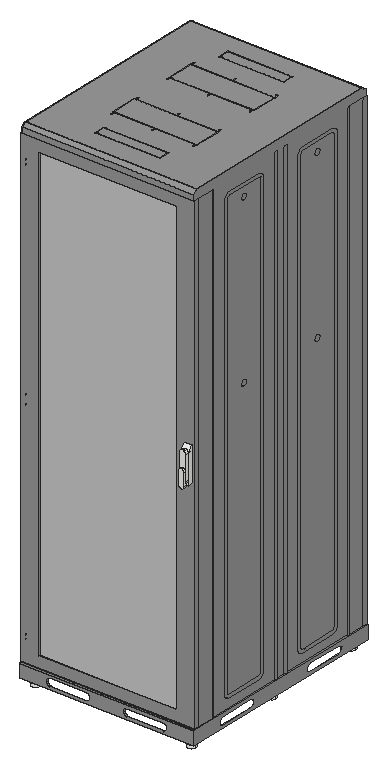
Revit family "800х1000", category Обобщенные модели, Revit 2019 (continued)
Definition of nested family "Дверь двустворчатая"
  Definition of nested family "Ручка"
    Forms (mm)
      Extrusion 3, solid, material <- "Материал Общий"
        sketch origin (0, 0, 0) x (1, 0, 0) y (0, 0, 1)
          loop
            line (-12, 638) -> (-12, 582)
            arc (-12, 582) -> (-8.485, 573.515) -> (0, 570) r 12
            arc (0, 570) -> (8.485, 573.515) -> (12, 582) r 12
            line (12, 582) -> (12, 638)
            arc (12, 638) -> (8.485, 646.485) -> (0, 650) r 12
            arc (0, 650) -> (-8.485, 646.485) -> (-12, 638) r 12
        from 30 to 38
    Cuts and joins
      joined: Blend 1, Extrusion 2, Extrusion 3
    Lines and regions (mm)
      model lines
        curve 1: line (-17, 0, 660) -> (17, 0, 660)
        curve 2: line (0, 0, 740) -> (0, 0, 580)
    Dimensions and locks
      locked: plane 4 to plane 1 "ТТТТ" at 20
      locked: plane 5 to plane 4 at 10
      locked: plane 6 to plane 5 at 8
      locked: plane 7 to plane 2 at 300
      aligned and locked: level to plane 2
      aligned and locked: plane 4 to Blend 1
      aligned and locked: Blend 1 to plane 1 "ТТТТ"
      aligned and locked: Extrusion 2 to plane 4
      aligned and locked: plane 5 to Extrusion 2
      aligned and locked: Extrusion 3 to plane 5
      aligned and locked: plane 6 to Extrusion 3
Definition of nested family "ЭУ_ДВЕРЬ"
  Parameters (values of type "ЭУ_ДВЕРЬ")
    Глубина_Р [instance] = ADSK_Размер_Ширина / 5  # 160 mm
    ADSK_Размер_Ширина [instance] = 800 mm
    ADSK_Размер_Высота [instance] = 972 mm
  Reference planes
    plane 1 "По центру (Вперед/Назад)": y = 0
    plane 2: z = 0
    plane 3 "По центру (Влево/Вправо)": x = 0
    plane 4: x = 400
    plane 5: x = -400
    plane 6: y = -486
    plane 7: y = 486
    plane 8: y = 446
    plane 9: y = -426
    plane 10: x = 300
    plane 11: x = -300
    plane 12: y = 366
    plane 13: y = -346
    plane 14: x = 350
    plane 15: y = -441
    plane 16: y = -471
    plane 17: x = -140
    plane 18: x = 140
  Lines and regions (mm)
    detail lines, in view "Опорный уровень"
      curve 1: line (-400, 486, 0) -> (400, 486, 0)
      curve 2: line (-400, -486, 0) -> (-400, 486, 0)
      curve 3: line (400, -486, 0) -> (-400, -486, 0)
      curve 4: line (400, 486, 0) -> (400, -486, 0)
      curve 5: line (-400, -426, 0) -> (400, -426, 0)
      curve 6: line (400, 446, 0) -> (-400, 446, 0)
      curve 7: line (-300, 366, 0) -> (300, 366, 0)
      curve 8: line (-300, -346, 0) -> (-300, 366, 0)
      curve 9: line (300, -346, 0) -> (-300, -346, 0)
      curve 10: line (300, 366, 0) -> (300, -346, 0)
      curve 11: circle (350, 0, 0) r 30 normal (0, 0, 1)
      curve 12: line (-300, -441, 0) -> (-140, -441, 0)
      curve 13: line (-140, -471, 0) -> (-300, -471, 0)
      curve 14: line (140, -441, 0) -> (300, -441, 0)
      curve 15: line (300, -471, 0) -> (140, -471, 0)
      curve 16: arc (-300, -441, 0) -> (-315, -456, 0) -> (-300, -471, 0) r 15
      curve 17: arc (-140, -441, 0) -> (-125, -456, 0) -> (-140, -471, 0) r 15
      curve 18: arc (140, -441, 0) -> (125, -456, 0) -> (140, -471, 0) r 15
      curve 19: arc (300, -441, 0) -> (315, -456, 0) -> (300, -471, 0) r 15
  Dimensions and locks
    equal spacing: plane 6, plane 1 "По центру (Вперед/Назад)", plane 7
    "ADSK_Размер_Высота": plane 7 to plane 6
    equal spacing: plane 5, plane 3 "По центру (Влево/Вправо)", plane 4
    "ADSK_Размер_Ширина": plane 5 to plane 4
    locked: plane 6 to plane 9 at 60
    locked: plane 7 to plane 8 at 40
    locked: plane 8 to plane 12 at 80
    locked: plane 9 to plane 13 at 80
    locked: plane 5 to plane 11 at 100
    locked: plane 10 to plane 4 at 100
    equal spacing: plane 10, plane 14, plane 4
    locked: plane 15 to plane 9 at 15
    locked: plane 6 to plane 16 at 15
    "Глубина_Р": plane 11 to plane 17
    "Глубина_Р": plane 18 to plane 10
    aligned and locked: curve 1 to plane 7
    aligned and locked: plane 5 to curve 2
    aligned and locked: curve 3 to plane 6
    aligned and locked: curve 4 to plane 4
    aligned and locked: plane 8 to curve 6
    aligned and locked: plane 9 to curve 5
    aligned and locked: curve 7 to plane 12
    aligned and locked: plane 11 to curve 8
    aligned and locked: curve 9 to plane 13
    aligned and locked: curve 10 to plane 10
    aligned and locked: plane 15 to curve 12
    aligned and locked: plane 15 to curve 14
    aligned and locked: curve 15 to plane 16
    aligned and locked: curve 13 to plane 16
  Automatic sketch dimensions
    curve 13 to plane 11 = 0 mm
    curve 17 to plane 17 = 0 mm
    curve 18 to plane 18 = 0 mm
    curve 14 to plane 10 = 0 mm
    plane 1 "По центру (Вперед/Назад)" to curve 11 = 0 mm
    curve 11 to plane 14 = 0 mm
    radius of curve 11 = 30 mm
Definition of nested family "ЭУ_БОК"
  Parameters (values of type "ЭУ_БОК")
    Глубина_Р [instance] = ADSK_Размер_Глубина / 6  # 166.667 mm
    ADSK_Размер_Глубина [instance] = 1000 mm
    ADSK_Размер_Высота [instance] = 1500 mm
  Reference planes
    plane 1 "По центру (Вперед/Назад)": y = 0
    plane 2: z = 0
    plane 3 "По центру (Влево/Вправо)": x = 0
    plane 4: x = 500
    plane 5: x = -500
    plane 6: y = -750
    plane 7: y = 750
    plane 8: y = 710
    plane 9: y = -690
    plane 10: x = 450
    plane 11: x = 395
    plane 12: y = 640
    plane 13: y = -620
    plane 14: y = 580
    plane 15: y = -560
    plane 16 "По центру (В/О": y = -20
    plane 17 "По центру (В/П": y = 0
    plane 18 "По центру (В/Р": y = 20
    plane 19: x = 475
    plane 20: y = -704
    plane 21: y = -736
    plane 22: x = -228.333
    plane 23: x = 228.333
    plane 24: x = 420
    plane 25: x = -450
    plane 26: x = -395
    plane 27: x = -475
    plane 28: x = -420
  Lines and regions (mm)
    detail lines, in view "Опорный уровень"
      curve 1: line (-500, 750, 0) -> (500, 750, 0)
      curve 2: line (500, 750, 0) -> (500, -750, 0)
      curve 3: line (500, -750, 0) -> (-500, -750, 0)
      curve 4: line (-500, -750, 0) -> (-500, 750, 0)
      curve 5: line (-500, -690, 0) -> (500, -690, 0)
      curve 6: line (-395, 710, 0) -> (-395, -690, 0)
      curve 7: line (395, 710, 0) -> (395, -690, 0)
      curve 8: line (500, 710, 0) -> (-500, 710, 0)
      curve 9: line (475, -690, 0) -> (475, 710, 0)
      curve 10: line (-228.333, -736, 0) -> (-420, -736, 0)
      curve 11: line (-420, -704, 0) -> (-228.333, -704, 0)
      curve 12: arc (-420, -736, 0) -> (-436, -720, 0) -> (-420, -704, 0) r 16
      curve 13: arc (-228.333, -704, 0) -> (-212.333, -720, 0) -> (-228.333, -736, 0) r 16
      curve 14: line (228.333, -704, 0) -> (395, -704, 0)
      curve 15: line (395, -736, 0) -> (228.333, -736, 0)
      curve 16: arc (228.333, -704, 0) -> (212.333, -720, 0) -> (228.333, -736, 0) r 16
      curve 17: arc (395, -704, 0) -> (411, -720, 0) -> (395, -736, 0) r 16
      curve 18: line (-475, -690, 0) -> (-475, 710, 0)
  Dimensions and locks
    equal spacing: plane 6, plane 1 "По центру (Вперед/Назад)", plane 7
    "ADSK_Размер_Высота": plane 7 to plane 6
    equal spacing: plane 5, plane 3 "По центру (Влево/Вправо)", plane 4
    "ADSK_Размер_Глубина": plane 5 to plane 4
    locked: plane 7 to plane 8 at 40
    locked: plane 6 to plane 9 at 60
    locked: plane 10 to plane 4 at 50
    locked: plane 11 to plane 10 at 55
    locked: plane 9 to plane 13 at 70
    locked: plane 8 to plane 12 at 70
    locked: plane 12 to plane 14 at 60
    locked: plane 13 to plane 15 at 60
    plane 18 "По центру (В/Р" to plane 17 "По центру (В/П" to plane 16 "По центру (В/О" = 20 mm locked, 20 mm locked
    locked: plane 19 to plane 4 at 25
    locked: plane 24 to plane 4 at 80
    "Глубина_Р": plane 23 to plane 11
    locked: plane 20 to plane 9 at 14
    locked: plane 6 to plane 21 at 14
    locked: plane 26 to plane 25 at 55
    locked: plane 5 to plane 25 at 50
    "Глубина_Р": plane 26 to plane 22
    locked: plane 5 to plane 27 at 25
    locked: plane 5 to plane 28 at 80
    aligned and locked: plane 5 to curve 4
    aligned and locked: curve 3 to plane 6
    aligned and locked: curve 2 to plane 4
    aligned and locked: curve 1 to plane 7
    aligned and locked: plane 9 to curve 5
    aligned and locked: curve 7 to plane 11
    aligned and locked: plane 8 to curve 8
    aligned and locked: plane 19 to curve 9
    aligned and locked: plane 20 to curve 11
    aligned and locked: curve 10 to plane 21
    aligned and locked: plane 20 to curve 14
    aligned and locked: curve 15 to plane 21
    aligned and locked: plane 26 to curve 6
    aligned and locked: curve 18 to plane 27
  Automatic sketch dimensions
    curve 12 to plane 28 = 0 mm
    curve 13 to plane 22 = 0 mm
    curve 16 to plane 23 = 0 mm
    curve 17 to plane 11 = 0 mm
Definition of nested family "ЭУ_ВВЕРХ"
  Parameters (values of type "ЭУ_ВВЕРХ")
    ADSK_Размер_Ширина [instance] = 600 mm
    ADSK_Размер_Глубина [instance] = 800 mm
  Reference planes
    plane 1 "По центру (Вперед/Назад)": y = 0
    plane 2: z = 0
    plane 3 "По центру (Влево/Вправо)": x = 0
    plane 4: x = 300
    plane 5: x = -300
    plane 6: y = -400
    plane 7: y = 400
    plane 8: y = 350
    plane 9: y = -350
    plane 10: x = -250
    plane 11: x = 250
    plane 12: x = 210
    plane 13: x = -210
    plane 14: y = 280
    plane 15: y = -280
    plane 16: y = 220
    plane 17: y = -220
    plane 18 "По центру (В/О": y = -100
    plane 19 "По центру (В/П": y = 0
    plane 20 "По центру (В/Р": y = 100
  Lines and regions (mm)
    detail lines, in view "Опорный уровень"
      curve 1: line (-300, 400, 0) -> (300, 400, 0)
      curve 2: line (300, 400, 0) -> (300, -400, 0)
      curve 3: line (300, -400, 0) -> (-300, -400, 0)
      curve 4: line (-300, -400, 0) -> (-300, 400, 0)
      curve 5: line (-210, 350, 0) -> (210, 350, 0)
      curve 6: line (-210, 280, 0) -> (-210, 350, 0)
      curve 7: line (210, 280, 0) -> (-210, 280, 0)
      curve 8: line (210, 350, 0) -> (210, 280, 0)
      curve 9: line (-210, -280, 0) -> (210, -280, 0)
      curve 10: line (-210, -350, 0) -> (-210, -280, 0)
      curve 11: line (210, -350, 0) -> (-210, -350, 0)
      curve 12: line (210, -280, 0) -> (210, -350, 0)
      curve 13: line (-250, -100, 0) -> (250, -100, 0)
      curve 14: line (-250, -220, 0) -> (-250, -100, 0)
      curve 15: line (250, -220, 0) -> (-250, -220, 0)
      curve 16: line (250, -100, 0) -> (250, -220, 0)
      curve 17: line (-250, 220, 0) -> (250, 220, 0)
      curve 18: line (-250, 100, 0) -> (-250, 220, 0)
      curve 19: line (250, 100, 0) -> (-250, 100, 0)
      curve 20: line (250, 220, 0) -> (250, 100, 0)
  Dimensions and locks
    equal spacing: plane 6, plane 1 "По центру (Вперед/Назад)", plane 7
    "ADSK_Размер_Глубина": plane 7 to plane 6
    equal spacing: plane 5, plane 3 "По центру (Влево/Вправо)", plane 4
    "ADSK_Размер_Ширина": plane 5 to plane 4
    locked: plane 7 to plane 8 at 50
    locked: plane 6 to plane 9 at 50
    locked: plane 5 to plane 10 at 50
    locked: plane 11 to plane 4 at 50
    locked: plane 10 to plane 13 at 40
    locked: plane 12 to plane 11 at 40
    locked: plane 9 to plane 15 at 70
    locked: plane 8 to plane 14 at 70
    locked: plane 14 to plane 16 at 60
    locked: plane 15 to plane 17 at 60
    plane 20 "По центру (В/Р" to plane 19 "По центру (В/П" to plane 18 "По центру (В/О" = 100 mm locked, 100 mm locked
    aligned and locked: plane 5 to curve 4
    aligned and locked: curve 3 to plane 6
    aligned and locked: curve 2 to plane 4
    aligned and locked: curve 1 to plane 7
    aligned and locked: curve 5 to plane 8
    aligned and locked: plane 13 to curve 6
    aligned and locked: plane 14 to curve 7
    aligned and locked: curve 8 to plane 12
    aligned and locked: plane 15 to curve 9
    aligned and locked: plane 13 to curve 10
    aligned and locked: curve 11 to plane 9
    aligned and locked: curve 12 to plane 12
    aligned and locked: plane 18 "По центру (В/О" to curve 13
    aligned and locked: plane 10 to curve 14
    aligned and locked: curve 15 to plane 17
    aligned and locked: curve 16 to plane 11
    aligned and locked: curve 17 to plane 16
    aligned and locked: plane 20 "По центру (В/Р" to curve 19
    aligned and locked: plane 10 to curve 18
    aligned and locked: curve 20 to plane 11
Types (12, lengths in mm): name | Описание | Не двустворчатая дверь | Материал крепежей | Материал каркаса | Двустворчатая дверь | Высота окна | ADSK_Размер_Высота | ADSK_Наименование краткое | ADSK_Наименование | ADSK_Масса_Текст | ADSK_Марка | ADSK_Код изделия | ADSK_URL страницы изделия
  ШТ-НП-С-33U-800-1000-ПП-Ч | "Шкаф телекоммуникационный напольный серверный черный 19&quot;.33U(800x1000) . ШТ-НП-С-33U-800-1000-ПП-Ч передняя.задняя двери перфорированные ССД" | yes | Металл черный | Металл черный | no | 1558 | 1667 | "ШТ-НП-С-33U-800-1000-ПП-Ч" | "Шкаф телекоммуникационный напольный серверный черный 19&quot;.33U(800x1000) . ШТ-НП-С-33U-800-1000-ПП-Ч передняя.задняя двери перфорированные ССД" | "106.0" | "ШТ-НП-С-33U-800-1000-ПП-Ч" | "130411-01427" | "https://www.ssd.ru/shkaf-telekommunikatsionnyy-napolnyy-servernyy-chernyy-19-quot-33u-800x1000-sht-np-s-33u-800-1000-pp"
  ШТ-НП-С-33U-800-1000-П2П-Ч | "Шкаф телекоммуникационный напольный серверный черный 19&quot;.33U(800x1000) . ШТ-НП-С-33U-800-1000-П2П-Ч передняя перфорипрованная.задняя перф.двойная. ССД" | no | Металл черный | Металл черный | yes | 1558 | 1667 | "ШТ-НП-С-33U-800-1000-П2П-Ч" | "Шкаф телекоммуникационный напольный серверный черный 19&quot;.33U(800x1000) . ШТ-НП-С-33U-800-1000-П2П-Ч передняя перфорипрованная.задняя перф.двойная. ССД" | "106.0" | "ШТ-НП-С-33U-800-1000-П2П-Ч" | "130411-01428" | "https://www.ssd.ru/shkaf-telekommunikatsionnyy-napolnyy-servernyy-chernyy-19-quot-33u-800x1000-sht-np-s-33u-800-1000-pp"
  ШТ-НП-С-42U-800-1000-ПП-Ч | "Шкаф телекоммуникационный напольный серверный черный 19&quot;.42U(800x1000) . ШТ-НП-С-42U-800-1000-ПП-Ч передняя.задняя двери перфорированные ССД" | yes | Металл черный | Металл черный | no | 1958 | 2067 | "ШТ-НП-С-42U-800-1000-ПП-Ч" | "Шкаф телекоммуникационный напольный серверный черный 19&quot;.42U(800x1000) . ШТ-НП-С-42U-800-1000-ПП-Ч передняя.задняя двери перфорированные ССД" | "122.0" | "ШТ-НП-С-42U-800-1000-ПП-Ч" | "130411-01429" | "https://www.ssd.ru/shkaf-telekommunikatsionnyy-napolnyy-servernyy-chernyy-19-quot-42u-800x1000-sht-np-s-42u-800-1000-pp"
  ШТ-НП-С-42U-800-1000-П2П-Ч | "Шкаф телекоммуникационный напольный серверный черный 19&quot;.42U(800x1000) . ШТ-НП-С-42U-800-1000-П2П-Ч передняя перфорированная.задняя перф.двойная. ССД" | no | Металл черный | Металл черный | yes | 1958 | 2067 | "ШТ-НП-С-42U-800-1000-П2П-Ч" | "Шкаф телекоммуникационный напольный серверный черный 19&quot;.42U(800x1000) . ШТ-НП-С-42U-800-1000-П2П-Ч передняя перфорированная.задняя перф.двойная. ССД" | "122.0" | "ШТ-НП-С-42U-800-1000-П2П-Ч" | "130411-01430" | "https://www.ssd.ru/shkaf-telekommunikatsionnyy-napolnyy-servernyy-chernyy-19-quot-42u-800x1000-sht-np-s-42u-800-1000-p2"
  ШТ-НП-С-47U-800-1000-ПП-Ч | "Шкаф телекоммуникационный напольный серверный черный 19&quot;.47U(800x1000) . ШТ-НП-С-47U-800-1000-ПП-Ч передняя.задняя двери перфорированные ССД" | yes | Металл черный | Металл черный | no | 2180 | 2289 | "ШТ-НП-С-47U-800-1000-ПП-Ч" | "Шкаф телекоммуникационный напольный серверный черный 19&quot;.47U(800x1000) . ШТ-НП-С-47U-800-1000-ПП-Ч передняя.задняя двери перфорированные ССД" | "130.0" | "ШТ-НП-С-47U-800-1000-ПП-Ч" | "130411-01431" | "https://www.ssd.ru/shkaf-telekommunikatsionnyy-napolnyy-servernyy-chernyy-19-quot-47u-800x1000-sht-np-s-47u-800-1000-pp"
  ШТ-НП-С-47U-800-1000-П2П-Ч | "Шкаф телекоммуникационный напольный серверный 19&quot;.47U(800x1000) . ШТ-НП-С-47U-800-1000-П2П-Ч передняя дверь перфор..задняя перф.двойная ССД чер" | no | Металл черный | Металл черный | yes | 2180 | 2289 | "ШТ-НП-С-47U-800-1000-П2П-Ч" | "Шкаф телекоммуникационный напольный серверный 19&quot;.47U(800x1000) . ШТ-НП-С-47U-800-1000-П2П-Ч передняя дверь перфор..задняя перф.двойная ССД чер" | "130.0" | "ШТ-НП-С-47U-800-1000-П2П-Ч" | "130411-01396" | "https://www.ssd.ru/shkaf-telekommunikatsionnyy-napolnyy-servernyy-19-quot-47u-800x1000-sht-np-s-47u-800-1000-p2p-ch-per"
  ШТ-НП-С-33U-800-1000-ПП | "Шкаф телекоммуникационный напольный серверный 19&quot;.33U(800x1000) . ШТ-НП-С-33U-800-1000-ПП передняя.задняя двери перфорированные ССД" | yes | Металл | Металл | no | 1558 | 1667 | "ШТ-НП-С-33U-800-1000-ПП" | "Шкаф телекоммуникационный напольный серверный 19&quot;.33U(800x1000) . ШТ-НП-С-33U-800-1000-ПП передняя.задняя двери перфорированные ССД" | "106.0" | "ШТ-НП-С-33U-800-1000-ПП" | "130411-00927" | "https://www.ssd.ru/shkaf-telekommunikatsionnyy-napolnyy-servernyy-19-quot-33u-800x1000-sht-np-s-33u-800-1000-pp-perednya"
  ШТ-НП-С-33U-800-1000-П2П | "Шкаф телекоммуникационный напольный серверный 19&quot;.33U(800x1000) . ШТ-НП-С-33U-800-1000-П2П передняя дверь перфорипрованная.задняя перф.двойная. ССД" | no | Металл | Металл | yes | 1558 | 1667 | "ШТ-НП-С-33U-800-1000-П2П" | "Шкаф телекоммуникационный напольный серверный 19&quot;.33U(800x1000) . ШТ-НП-С-33U-800-1000-П2П передняя дверь перфорипрованная.задняя перф.двойная. ССД" | "106.0" | "ШТ-НП-С-33U-800-1000-П2П" | "130411-00928" | "https://www.ssd.ru/shkaf-telekommunikatsionnyy-napolnyy-servernyy-19-quot-33u-800x1000-sht-np-s-33u-800-1000-p2p-peredn"
  ШТ-НП-С-42U-800-1000-ПП | "Шкаф телекоммуникационный напольный серверный 19&quot;.42U(800x1000) . ШТ-НП-С-42U-800-1000-ПП передняя.задняя двери перфорированные ССД" | yes | Металл | Металл | no | 1958 | 2067 | "ШТ-НП-С-42U-800-1000-ПП" | "Шкаф телекоммуникационный напольный серверный 19&quot;.42U(800x1000) . ШТ-НП-С-42U-800-1000-ПП передняя.задняя двери перфорированные ССД" | "122.0" | "ШТ-НП-С-42U-800-1000-ПП" | "130411-00929" | "https://www.ssd.ru/shkaf-telekommunikatsionnyy-napolnyy-servernyy-19-quot-42u-800x1000-sht-np-s-42u-800-1000-pp-perednya"
  ШТ-НП-С-42U-800-1000-П2П | "Шкаф телекоммуникационный напольный серверный 19&quot;.42U(800x1000) . ШТ-НП-С-42U-800-1000-П2П передняя дверь перфорированная.задняя перф.двойная. ССД" | no | Металл | Металл | yes | 1958 | 2067 | "ШТ-НП-С-42U-800-1000-П2П" | "Шкаф телекоммуникационный напольный серверный 19&quot;.42U(800x1000) . ШТ-НП-С-42U-800-1000-П2П передняя дверь перфорированная.задняя перф.двойная. ССД" | "122.0" | "ШТ-НП-С-42U-800-1000-П2П" | "130411-00930" | "https://www.ssd.ru/shkaf-telekommunikatsionnyy-napolnyy-servernyy-19-quot-42u-800x1000-sht-np-s-42u-800-1000-p2p-peredn"
  ШТ-НП-С-47U-800-1000-ПП | "Шкаф телекоммуникационный напольный серверный 19&quot;.47U(800x1000) . ШТ-НП-С-47U-800-1000-ПП передняя.задняя двери перфорированные ССД" | yes | Металл | Металл | no | 2180 | 2289 | "ШТ-НП-С-47U-800-1000-ПП" | "Шкаф телекоммуникационный напольный серверный 19&quot;.47U(800x1000) . ШТ-НП-С-47U-800-1000-ПП передняя.задняя двери перфорированные ССД" | "130.0" | "ШТ-НП-С-47U-800-1000-ПП" | "130411-00931" | "https://www.ssd.ru/shkaf-telekommunikatsionnyy-napolnyy-servernyy-19-quot-47u-800x1000-sht-np-s-47u-800-1000-pp-perednya"
  ШТ-НП-С-47U-800-1000-П2П | "Шкаф телекоммуникационный напольный серверный 19&quot;.47U(800x1000) . ШТ-НП-С-47U-800-1000-П2П передняя дверь перфорипрованная.задняя перф.двойная. ССД" | no | Металл | Металл | yes | 2180 | 2289 | "ШТ-НП-С-47U-800-1000-П2П" | "Шкаф телекоммуникационный напольный серверный 19&quot;.47U(800x1000) . ШТ-НП-С-47U-800-1000-П2П передняя дверь перфорипрованная.задняя перф.двойная. ССД" | "130.0" | "ШТ-НП-С-47U-800-1000-П2П" | "130411-00932" | "https://www.ssd.ru/shkaf-telekommunikatsionnyy-napolnyy-servernyy-19-quot-47u-800x1000-sht-np-s-47u-800-1000-p2p-peredn"
